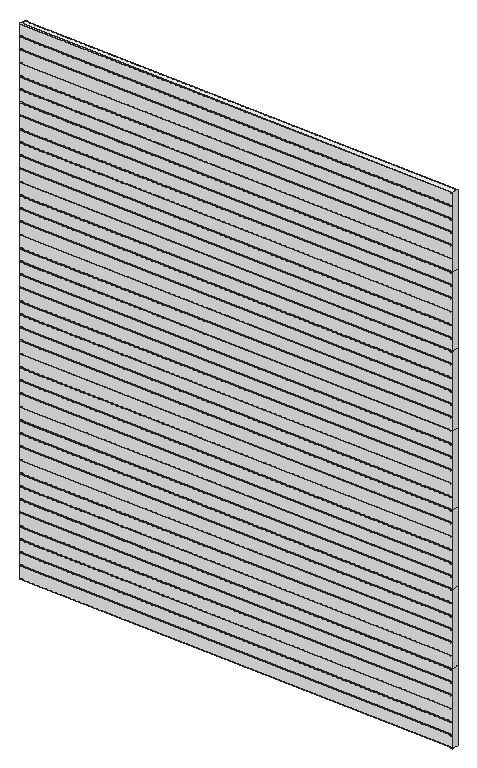
Revit family
Parameters (values of type "By Type")
  Windload = "Doors available rated for various design pressures; consult Clopay for avaialbility and specifications"
  VisSection6 = NumSections = 6  # no
  VisSection5 = NumSections > 4  # yes
  VisSection4 = NumSections > 3  # yes
  VisSection3 = NumSections > 2  # yes
  VisArray = NumSections > 6  # yes
  URL = "www.clopaydoor.com"
  Track = "Galvanized steel (gauge varies according to door size)"
  Thickness = 0' - 2"  # constant formula
  Spec Wizard = "http://www.arcat.com/specwizard/08360clo/index.htm"
  Section Height = Height / NumSections  # 2' - 0"
  Sales Information = "http://www.clopaydoor.com/where-to-buy.aspx?type=dealer"
  Rough Width = 0' - 0"  # constant formula
  Rough Height = 0' - 0"  # constant formula
  R-Value = "15.05"
  Product Features and Benefits = "http://www.clopaydoor.com/insulated-polyurethane-applications.aspx"
  Overlapping Jamb = yes
  Overlap = if(Overlapping Jamb, 0' 1", 0' 0")  # 0' - 1"
  Opening Width = 12' - 0"
  Opening Height = 14' - 0"
  Omniclass Table = "23-30 10 17 37 "
  NumSectionsNotRounded = Height / 2' 0"  # 7
  NumSections = NumSectionsNotRounded + 0.4999  # 7
  NumArraySections = if(NumSections > 6, NumSections - 5, 2)  # 2
  Model = "3717"
  Maximum Size = "Maximum 32' 2'' wide by 26' 0'' high. Additional limitations may apply do to door weight. Consult Clopay for specificiations and shop drawings."  # constant formula
  Manufacturer Website = "http://www.clopaydoor.com"
  Manufacturer Phone Number = "1-800-526-4301"
  Manufacturer Address = "1400 W. Market St., Troy, OH 45373"
  Manufacturer = "Clopay Building Products Company"
  LEED = "http://products.construction.com/swts_content_files/151607/303186.pdf"
  Keynote = "08 36 13"
  Interior Steel = "28 ga. galvanized, primed, and finish painted"
  Hardware = "14 ga. min. steel hinges; 10-ball steel rollers"
  GreenFormat = "http://www.greenformat.com/products/1536-Polyurethane%20Insulated%20Doors.rtf"
  Function = (empty or 0)
  Height = Opening Height + Rough Width * 0  # 14' - 0"
  Wall Closure = (empty or 0)
  Width = Opening Width + Rough Width * 0  # 12' - 0"
  FloorToSection7 = 6 * Section Height  # 12' - 0"
  FloorToSection6 = 5 * Section Height  # 10' - 0"
  FloorToSection5 = 4 * Section Height  # 8' - 0"
  FloorToSection4 = 3 * Section Height  # 6' - 0"
  FloorToSection3 = 2 * Section Height  # 4' - 0"
  FloorToSection2 = Section Height  # 2' - 0"
  File Revision = "02 (August, 2012)"
  Exterior Steel = "27 ga. galvanized, primed, and finish painted"
  Double End Stiles = Door Width > 14' 2"  # no
  Door Width = Opening Width + Overlap * 2  # 12' - 2"
  Door Height = Opening Height + Rough Width * 0  # 14' - 0"
  Description = "1-3/4'' thick polyurethane insulated, stucco embossed 27 gauge steel exterior with light ribbed pattern."
  Core Material = "Expanded polyurethane"
  Copyright = "2010, Clopay Building Products Company, Inc."
  Color = White
  CAD and Specifications = "http://www.clopaydoor.com/insulated-polyurethane-specs.aspx"
  Assembly Code = "B2030410"
Reference planes (in)
  plane 1 "Center (Front/Back)": y = 0
  plane 2 "Center (Left/Right)": x = 0
  plane 3 "Left": x = -72
  plane 4 "Right": x = 72
  plane 5 "Top": z = 168
  plane 6 "Exterior": y = 3
  plane 7 "Interior": y = -3
  plane 8: z = 120
  plane 9: z = 144
Lines and regions (in)
  Opening 1
    outline origin (-90, -3, 0) x (1, 0, 0) y (0, 0, 1)
      loop
        line (18, 0) -> (162, 0) -> (162, 168) -> (18, 168) -> (18, 0)
Text (in)
  text "Exterior" at (-74.96733, 27.31104, 0), in view "Ref. Level"
  text "Interior" at (-74.96733, -25.14366, 0), in view "Ref. Level"
  text "Exterior" at (0, 40.15149, 123.01588), in view "Right"
  text "Interior" at (0, -64.39139, 123.01588), in view "Right"
  text "Interior" at (0, -31.01599, 123.00693), in view "Left"
  text "Exterior" at (0, 54.57065, 123.00693), in view "Left"
Dimensions and locks (in)
  equal spacing: plane 3 "Left", plane 2 "Center (Left/Right)", plane 4 "Right"
  "Height": level to plane 5 "Top"
  "Width": plane 3 "Left" to plane 4 "Right"
  host wall to plane 5 "Top" = 14' - 0"
  nested 1 to plane 7 "Interior" = 0' - 0 1/2"
  "FloorToSection6": plane 8 to level
  "FloorToSection7": plane 9 to level
  group 1 to group 2 = 0' - 0"  (x2)
  group 1 to group 2 = 2' - 0"
  host wall to host wall = 67' - 6"
  aligned and locked: plane 3 "Left" to Opening 1 sketch curve
  aligned and locked: plane 5 "Top" to Opening 1 sketch curve  (x2)
  aligned and locked: Opening 1 sketch curve to plane 4 "Right"
  aligned and locked: Opening 1 sketch curve to level
  aligned and locked: plane 6 "Exterior" to host wall
  aligned and locked: host wall to plane 7 "Interior"
  aligned and locked: plane 2 "Center (Left/Right)" to nested 2
  aligned and locked: plane 2 "Center (Left/Right)" to nested 3
  aligned and locked: plane 2 "Center (Left/Right)" to nested 4
  aligned and locked: plane 2 "Center (Left/Right)" to nested 5
  aligned and locked: plane 2 "Center (Left/Right)" to nested 7
  aligned and locked: nested 7 to plane 8
  aligned and locked: nested 8 to plane 9
  aligned and locked: plane 7 "Interior" to nested 2
  aligned and locked: plane 7 "Interior" to nested 7
  aligned and locked: host wall to nested 8
  aligned and locked: plane 7 "Interior" to nested 3
  aligned and locked: host wall to nested 3
  aligned and locked: plane 7 "Interior" to nested 1
  aligned and locked: nested 2 to host wall
  aligned and locked: plane 7 "Interior" to nested 6
  aligned and locked: plane 7 "Interior" to nested 5
  aligned and locked: host wall to nested 7
  aligned and locked: plane 7 "Interior" to nested 4
Nested families (in)
  nested 1: "Section" at (0, 0, 0), type "Solid"
  nested 2: "Section" at (0, 0, 24), built-in parameter 1001364 <- "Section Height", type "Solid"
  nested 3: "Section" at (0, 0, 48), built-in parameter 1001364 <- "FloorToSection3", visible <- "VisSection3", type "Solid"
  nested 4: "Section" at (0, 0, 120), built-in parameter 1001364 <- "FloorToSection6", visible <- "VisSection6", type "Solid"
  nested 5: "Section" at (0, 0, 96), built-in parameter 1001364 <- "FloorToSection5", visible <- "VisSection5", type "Solid"
  nested 6: "Section" at (0, 0, 72), built-in parameter 1001364 <- "FloorToSection4", visible <- "VisSection4", type "Solid"
  nested 7: "Section" at (0, 0, 120), visible <- "VisArray", type "Solid"
  nested 8: "Section" at (0, 0, 144), visible <- "VisArray", type "Solid"
Definition of nested family "Section"
  Parameters (values of type "Solid")
    X9 = if(if(NumArrayedWindows < NumWindows, NumArrayedWindows + 1, NumWindows) < 9, X1, X8 + 3' 8")  # 1' - 5 1/2"
    X8 = if(if(NumArrayedWindows < NumWindows, NumArrayedWindows + 1, NumWindows) < 8, X1, X7 + 3' 8")  # 1' - 5 1/2"
    X7 = if(if(NumArrayedWindows < NumWindows, NumArrayedWindows + 1, NumWindows) < 7, X1, X6 + 3' 8")  # 1' - 5 1/2"
    X6 = if(if(NumArrayedWindows < NumWindows, NumArrayedWindows + 1, NumWindows) < 6, X1, X5 + 3' 8")  # 1' - 5 1/2"
    X5 = if(if(NumArrayedWindows < NumWindows, NumArrayedWindows + 1, NumWindows) < 5, X1, X4 + 3' 8")  # 1' - 5 1/2"
    X4 = if(if(NumArrayedWindows < NumWindows, NumArrayedWindows + 1, NumWindows) < 4, X1, X3 + 3' 8")  # 1' - 5 1/2"
    X3 = if(NumWindows < 3, X1, X2 + 3' 8")  # 8' - 9 1/2"
    X2 = if(NumWindows < 2, ((Door Width - (NumWindows - 1) * 3' 8") / 2 - Cutout Width / 2), ((Door Width - (NumWindows - 1) * 3' 8") / 2 - Cutout Width / 2) + 3' 8")  # 5' - 1 1/2"
    WindowVis = no
    WindowCutDepth = -0' - 0 13/128"
    Section Height = 2' - 0"
    RibSpacing = Section Height / (NumRibs + 1)  # 0' - 4"
    NumWindows = if(Door Width < 9' 4", 2, if(Door Width < 13' 4", 3, if(Door Width < 16' 4", 4, if(Door Width < 20' 4", 5, if(Door Width < 24' 4", 6, if(Door Width < 26' 4", 7, if(Door Width < 31' 8", 8, 10)))))))  # 3
    NumRibs = if(Section Height < 1' 9", 3, if(Section Height < 2' 0", 4, 5))  # 5
    NumArrayedWindows = if(X2 = X1, NumWindows - 2, NumWindows)  # 3
    Half Section Height = Section Height / 2  # 1' - 0"
    Half Door Width Neg = -Half Door Width  # -6' - 1"
    Half Door Width = Door Width / 2  # 6' - 1"
    Half Cutout Height = Cutout Height / 2  # 0' - 3 1/2"
    Function = (empty or 0)
    Height = 0' - 0"
    Wall Closure = (empty or 0)
    Width = 0' - 0"
    X1 = if(or(Door Width > 31' 6", and(Door Width > 26' 2", Door Width < 28' 1"), Door Width = 24' 3", Door Width = 24' 4", and(Door Width > 20' 2", Door Width < 20' 11"), and(Door Width > 16' 2", Door Width < 17' 3")), X2, (Door Width - (NumWindows - 1) * 3' 8") / 2 - Cutout Width / 2)  # 1' - 5 1/2"
    Door Width = 12' - 2"
    CutoutToCutout = 1' - 0"
    Cutout Width = 1' - 11"
    Cutout Height = 0' - 7"
    Color = White
    BtmTo1stRib = RibSpacing  # 0' - 4"
    Assembly Code = ""
  Reference planes (in)
    plane 1 "Center (Front/Back)": y = 0
    plane 2 "Center (Left/Right)": x = 0
    plane 3 "Exterior": y = 3
    plane 4 "Interior": y = -3
    plane 5: y = -3.5
    plane 6: x = 73
    plane 7: x = -73
    plane 8: z = 4
    plane 9: z = 8
    plane 10: z = 24
    plane 11: z = 12
    plane 12: z = 0
  Forms (in)
    Extrusion 1, solid, material "White" <- "Color"
      sketch origin (-73, -12, 83.08252) x (0, 0, 1) y (0, -1, 0)
        loop
          line (-59.08252, -8.37573) -> (-59.08252, -6.62444)
          arc (-59.08252, -6.62444) -> (-59.11897, -6.53645) -> (-59.20696, -6.5) r 0.12444
          line (-59.20696, -6.5) -> (-82.95809, -6.5)
          arc (-82.95809, -6.5) -> (-83.04608, -6.53645) -> (-83.08252, -6.62444) r 0.12444
          line (-83.08252, -6.62444) -> (-83.08252, -8.37573)
          arc (-83.08252, -8.37573) -> (-83.04612, -8.4636) -> (-82.95825, -8.5) r 0.12427
          line (-82.95825, -8.5) -> (-59.20679, -8.5)
          arc (-59.20679, -8.5) -> (-59.11892, -8.4636) -> (-59.08252, -8.37573) r 0.12427
      from 0 to 146 <- "Door Width"
    Extrusion 2, void
      sketch origin (0, 0, -0.5) x (0, -1, 0) y (0, 0, 1)
        loop
          line (3.5, 4.62727) -> (3.5, 4.37273) -> (3.53032, 4.41942)
          arc (3.53032, 4.41942) -> (3.53753, 4.43506) -> (3.54, 4.4521) r 0.06
          line (3.54, 4.4521) -> (3.54, 4.5479)
          arc (3.54, 4.5479) -> (3.53753, 4.56494) -> (3.53032, 4.58058) r 0.06
          line (3.53032, 4.58058) -> (3.5, 4.62727)
      from -73 <- "Half Door Width Neg" to 146 <- "Door Width"
    Extrusion 3, void
      sketch origin (0, 0, 3.5) x (0, -1, 0) y (0, 0, 1)
        loop
          line (3.5, 4.62727) -> (3.5, 4.37273) -> (3.53032, 4.41942)
          arc (3.53032, 4.41942) -> (3.53753, 4.43506) -> (3.54, 4.4521) r 0.06
          line (3.54, 4.4521) -> (3.54, 4.5479)
          arc (3.54, 4.5479) -> (3.53753, 4.56494) -> (3.53032, 4.58058) r 0.06
          line (3.53032, 4.58058) -> (3.5, 4.62727)
      from -73 <- "Half Door Width Neg" to 146 <- "Door Width"
    Extrusion 4, void
      sketch origin (0, 0, 7.5) x (0, -1, 0) y (0, 0, 1)
        loop
          line (3.5, 4.62727) -> (3.5, 4.37273) -> (3.53032, 4.41942)
          arc (3.53032, 4.41942) -> (3.53753, 4.43506) -> (3.54, 4.4521) r 0.06
          line (3.54, 4.4521) -> (3.54, 4.5479)
          arc (3.54, 4.5479) -> (3.53753, 4.56494) -> (3.53032, 4.58058) r 0.06
          line (3.53032, 4.58058) -> (3.5, 4.62727)
      from -73 <- "Half Door Width Neg" to 146 <- "Door Width"
    Extrusion 5, void
      sketch origin (0, -8.99984, -0.5) x (0, 1, 0) y (0, 0, -1)
        loop
          line (3.5, -4.62727) -> (3.53032, -4.58058)
          arc (3.53032, -4.58058) -> (3.53753, -4.56494) -> (3.54, -4.5479) r 0.06
          line (3.54, -4.5479) -> (3.54, -4.4521)
          arc (3.54, -4.4521) -> (3.53753, -4.43506) -> (3.53032, -4.41942) r 0.06
          line (3.53032, -4.41942) -> (3.5, -4.37273) -> (3.5, -4.62727)
      from -73 <- "Half Door Width Neg" to 146 <- "Door Width"
    Extrusion 6, void
      sketch origin (0, -8.99984, 3.5) x (0, 1, 0) y (0, 0, -1)
        loop
          line (3.5, -4.62727) -> (3.53032, -4.58058)
          arc (3.53032, -4.58058) -> (3.53753, -4.56494) -> (3.54, -4.5479) r 0.06
          line (3.54, -4.5479) -> (3.54, -4.4521)
          arc (3.54, -4.4521) -> (3.53753, -4.43506) -> (3.53032, -4.41942) r 0.06
          line (3.53032, -4.41942) -> (3.5, -4.37273) -> (3.5, -4.62727)
      from -73 <- "Half Door Width Neg" to 146 <- "Door Width"
    Extrusion 7, void
      sketch origin (0, -8.99984, 7.5) x (0, 1, 0) y (0, 0, -1)
        loop
          line (3.5, -4.62727) -> (3.53032, -4.58058)
          arc (3.53032, -4.58058) -> (3.53753, -4.56494) -> (3.54, -4.5479) r 0.06
          line (3.54, -4.5479) -> (3.54, -4.4521)
          arc (3.54, -4.4521) -> (3.53753, -4.43506) -> (3.53032, -4.41942) r 0.06
          line (3.53032, -4.41942) -> (3.5, -4.37273) -> (3.5, -4.62727)
      from -73 <- "Half Door Width Neg" to 146 <- "Door Width"
    Extrusion 8, void
      sketch origin (0, 0, 11.5) x (0, -1, 0) y (0, 0, 1)
        loop
          line (3.5, 4.62727) -> (3.5, 4.37273) -> (3.53032, 4.41942)
          arc (3.53032, 4.41942) -> (3.53753, 4.43506) -> (3.54, 4.4521) r 0.06
          line (3.54, 4.4521) -> (3.54, 4.5479)
          arc (3.54, 4.5479) -> (3.53753, 4.56494) -> (3.53032, 4.58058) r 0.06
          line (3.53032, 4.58058) -> (3.5, 4.62727)
      from -73 <- "Half Door Width Neg" to 146 <- "Door Width"
    Extrusion 9, void
      sketch origin (0, -8.99984, 11.5) x (0, 1, 0) y (0, 0, -1)
        loop
          line (3.5, -4.62727) -> (3.53032, -4.58058)
          arc (3.53032, -4.58058) -> (3.53753, -4.56494) -> (3.54, -4.5479) r 0.06
          line (3.54, -4.5479) -> (3.54, -4.4521)
          arc (3.54, -4.4521) -> (3.53753, -4.43506) -> (3.53032, -4.41942) r 0.06
          line (3.53032, -4.41942) -> (3.5, -4.37273) -> (3.5, -4.62727)
      from -73 <- "Half Door Width Neg" to 146 <- "Door Width"
    Extrusion 10, void
      sketch origin (0, 0, 15.5) x (0, -1, 0) y (0, 0, 1)
        loop
          line (3.5, 4.62727) -> (3.5, 4.37273) -> (3.53032, 4.41942)
          arc (3.53032, 4.41942) -> (3.53753, 4.43506) -> (3.54, 4.4521) r 0.06
          line (3.54, 4.4521) -> (3.54, 4.5479)
          arc (3.54, 4.5479) -> (3.53753, 4.56494) -> (3.53032, 4.58058) r 0.06
          line (3.53032, 4.58058) -> (3.5, 4.62727)
      from -73 <- "Half Door Width Neg" to 146 <- "Door Width"
    Extrusion 11, void
      sketch origin (0, -8.99984, 15.5) x (0, 1, 0) y (0, 0, -1)
        loop
          line (3.5, -4.62727) -> (3.53032, -4.58058)
          arc (3.53032, -4.58058) -> (3.53753, -4.56494) -> (3.54, -4.5479) r 0.06
          line (3.54, -4.5479) -> (3.54, -4.4521)
          arc (3.54, -4.4521) -> (3.53753, -4.43506) -> (3.53032, -4.41942) r 0.06
          line (3.53032, -4.41942) -> (3.5, -4.37273) -> (3.5, -4.62727)
      from -73 <- "Half Door Width Neg" to 146 <- "Door Width"
  Cuts and joins
    Extrusion 2, Extrusion 3, Extrusion 4, Extrusion 5, Extrusion 6, Extrusion 7, Extrusion 8, Extrusion 9, Extrusion 10, Extrusion 11 cuts Extrusion 1
  Lines and regions (in)
    reference lines
      curve 1: line (-72, -3.54, 4) -> (-72, -3.5, 4)
      curve 2: line (-72, -5.45984, 4) -> (-72, -5.49984, 4)
      curve 3: line (-72, -3.54, 8) -> (-72, -3.5, 8)
      curve 4: line (-72, -3.54, 12) -> (-72, -3.5, 12)
      curve 5: line (-72, -5.45984, 4) -> (-72, -5.49984, 4)
      curve 6: line (-72, -5.45984, 8) -> (-72, -5.49984, 8)
      curve 7: line (-72, -5.45984, 12) -> (-72, -5.49984, 12)
      curve 8: line (-72, -3.54, 16) -> (-72, -3.5, 16)
      curve 9: line (-72, -5.45984, 16) -> (-72, -5.49984, 16)
      curve 10: line (-72, -3.54, 20) -> (-72, -3.5, 20)
      curve 11: line (-72, -5.45984, 20) -> (-72, -5.49984, 20)
  Text (in)
    text "Exterior" at (-74.96733, 27.31104, 0), in view "Ref. Level"
    text "Interior" at (-74.96733, -25.14366, 0), in view "Ref. Level"
    text "Exterior" at (0, 40.15149, 123.01588), in view "Right"
    text "Interior" at (0, -64.39139, 123.01588), in view "Right"
    text "Interior" at (0, -31.01599, 123.00693), in view "Left"
    text "Exterior" at (0, 54.57065, 123.00693), in view "Left"
  Dimensions and locks (in)
    plane 4 "Interior" to plane 5 = 0' - 0 1/2"
    "Half Door Width": plane 2 "Center (Left/Right)" to plane 7
    "Half Door Width": plane 6 to plane 2 "Center (Left/Right)"
    Extrusion 1 sketch curve to Extrusion 1 sketch curve = 0' - 2"
    Extrusion 2 sketch curve to Extrusion 2 sketch curve = 0' - 0.25454"
    Extrusion 2 sketch curve to Extrusion 2 sketch curve = 0' - 0.04"  (x2)
    "BtmTo1stRib": plane 8 to level
    curve 1 to Extrusion 2 sketch curve = 0' - 0.12727"
    "RibSpacing": plane 9 to plane 8
    "Section Height": plane 10 to level
    Extrusion 3 sketch curve to Extrusion 3 sketch curve = 0' - 0.25454"
    Extrusion 3 sketch curve to Extrusion 3 sketch curve = 0' - 0.04"  (x2)
    curve 3 to Extrusion 3 sketch curve = 0' - 0.12727"
    equal spacing: group 1, group 2, group 3, group 4, group 5  (x3)
    Extrusion 4 sketch curve to Extrusion 4 sketch curve = 0' - 0.25454"
    Extrusion 4 sketch curve to Extrusion 4 sketch curve = 0' - 0.04"  (x2)
    curve 4 to Extrusion 4 sketch curve = 0' - 0.12727"
    Extrusion 5 sketch curve to Extrusion 5 sketch curve = 0' - 0.25454"
    Extrusion 5 sketch curve to Extrusion 5 sketch curve = 0' - 0.04"  (x2)
    Extrusion 5 sketch curve to curve 5 = 0' - 0.12727"
    Extrusion 6 sketch curve to Extrusion 6 sketch curve = 0' - 0.25454"
    Extrusion 6 sketch curve to Extrusion 6 sketch curve = 0' - 0.04"  (x2)
    Extrusion 6 sketch curve to curve 6 = 0' - 0.12727"
    Extrusion 7 sketch curve to Extrusion 7 sketch curve = 0' - 0.25454"
    Extrusion 7 sketch curve to Extrusion 7 sketch curve = 0' - 0.04"  (x2)
    Extrusion 7 sketch curve to curve 7 = 0' - 0.12727"
    "Half Section Height": level to plane 11
    Extrusion 8 sketch curve to Extrusion 8 sketch curve = 0' - 0.25454"
    Extrusion 8 sketch curve to Extrusion 8 sketch curve = 0' - 0.04"  (x2)
    curve 8 to Extrusion 8 sketch curve = 0' - 0.12727"
    Extrusion 9 sketch curve to Extrusion 9 sketch curve = 0' - 0.25454"
    Extrusion 9 sketch curve to Extrusion 9 sketch curve = 0' - 0.04"  (x2)
    Extrusion 9 sketch curve to curve 9 = 0' - 0.12727"
    Extrusion 10 sketch curve to Extrusion 10 sketch curve = 0' - 0.25454"
    Extrusion 10 sketch curve to Extrusion 10 sketch curve = 0' - 0.04"  (x2)
    curve 10 to Extrusion 10 sketch curve = 0' - 0.12727"
    Extrusion 11 sketch curve to Extrusion 11 sketch curve = 0' - 0.25454"
    Extrusion 11 sketch curve to Extrusion 11 sketch curve = 0' - 0.04"  (x2)
    Extrusion 11 sketch curve to curve 11 = 0' - 0.12727"
    locked: plane 4 "Interior" to cut or joined group 1 (Extrusion 1, Extrusion 2, Extrusion 3, Extrusion 4, Extrusion 5, Extrusion 6, Extrusion 7, Extrusion 8, Extrusion 9, Extrusion 10, Extrusion 11) at 0.5
    radius of Extrusion 1 sketch curve = 0' - 0.12427"  (x2)
    radius of Extrusion 1 sketch curve = 0' - 0.12444"  (x2)
    angle Extrusion 2 sketch curve to Extrusion 2 sketch curve = 147.00°  (x2)
    angle Extrusion 3 sketch curve to Extrusion 3 sketch curve = 147.00°  (x2)
    angle Extrusion 4 sketch curve to Extrusion 4 sketch curve = 147.00°  (x2)
    angle Extrusion 5 sketch curve to Extrusion 5 sketch curve = 147.00°  (x2)
    angle Extrusion 6 sketch curve to Extrusion 6 sketch curve = 147.00°  (x2)
    angle Extrusion 7 sketch curve to Extrusion 7 sketch curve = 147.00°  (x2)
    angle Extrusion 8 sketch curve to Extrusion 8 sketch curve = 147.00°  (x2)
    angle Extrusion 9 sketch curve to Extrusion 9 sketch curve = 147.00°  (x2)
    angle Extrusion 10 sketch curve to Extrusion 10 sketch curve = 147.00°  (x2)
    angle Extrusion 11 sketch curve to Extrusion 11 sketch curve = 147.00°  (x2)
    aligned and locked: Extrusion 1 sketch curve to plane 5
    aligned and locked: plane 8 to curve 1
    aligned and locked: plane 9 to curve 3
    aligned: cut or joined group 1 to cut or joined group 1  (x9)
    aligned and locked: plane 12 to level
  Automatic sketch dimensions
    curve 2 to curve 1 = 0' - 1.91984"
    curve 1 to curve 1 = 0' - 0.04"  (x2)
    curve 1 to curve 2 = 0' - 1.91984"
    curve 2 to curve 2 = 0' - 0.04"  (x2)
    Extrusion 2 sketch curve to Extrusion 2 sketch curve = 0' - 0"
    Extrusion 2 sketch curve to Extrusion 2 sketch curve = 0' - 0.02"
    Extrusion 2 sketch curve to Extrusion 2 sketch curve = 0' - 0.00968"  (x2)
    curve 5 to curve 1 = 0' - 0"
    curve 1 to curve 5 = 0' - 1.91984"
    curve 5 to curve 5 = 0' - 0.04"
    Extrusion 5 sketch curve to Extrusion 5 sketch curve = 0' - 0"
    Extrusion 5 sketch curve to Extrusion 5 sketch curve = 0' - 0.02"
    Extrusion 5 sketch curve to Extrusion 5 sketch curve = 0' - 0.00968"  (x2)
    Extrusion 3 sketch curve to Extrusion 3 sketch curve = 0' - 0"
    Extrusion 3 sketch curve to Extrusion 3 sketch curve = 0' - 0.02"
    Extrusion 3 sketch curve to Extrusion 3 sketch curve = 0' - 0.00968"  (x2)
    curve 6 to curve 3 = 0' - 0"
    curve 3 to curve 3 = 0' - 0.04"
    curve 3 to curve 6 = 0' - 1.91984"
    curve 6 to curve 6 = 0' - 0.04"
    Extrusion 4 sketch curve to Extrusion 4 sketch curve = 0' - 0"
    Extrusion 4 sketch curve to Extrusion 4 sketch curve = 0' - 0.02"
    Extrusion 4 sketch curve to Extrusion 4 sketch curve = 0' - 0.00968"  (x2)
    curve 7 to curve 4 = 0' - 0"
    curve 4 to curve 4 = 0' - 0.04"
    curve 4 to curve 7 = 0' - 1.91984"
    curve 7 to curve 7 = 0' - 0.04"
    Extrusion 7 sketch curve to Extrusion 7 sketch curve = 0' - 0.00968"
    Extrusion 6 sketch curve to Extrusion 6 sketch curve = 0' - 0.00968"
    curve 2 to plane 8 = 0' - 0"
    curve 2 to plane 5 = 0' - 1.95984"
    Extrusion 1 sketch curve to plane 10 = 0' - 0"
    Extrusion 1 sketch curve to level = 0' - 0"
    Extrusion 8 sketch curve to Extrusion 8 sketch curve = 0' - 0"
    Extrusion 8 sketch curve to Extrusion 8 sketch curve = 0' - 0.02"
    Extrusion 8 sketch curve to Extrusion 8 sketch curve = 0' - 0.00968"  (x2)
    curve 9 to curve 8 = 0' - 0"
    curve 8 to curve 8 = 0' - 0.04"
    curve 8 to curve 9 = 0' - 1.91984"
    curve 9 to curve 9 = 0' - 0.04"
    Extrusion 9 sketch curve to Extrusion 9 sketch curve = 0' - 0"
    Extrusion 9 sketch curve to Extrusion 9 sketch curve = 0' - 0.02"
    Extrusion 9 sketch curve to Extrusion 9 sketch curve = 0' - 0.00968"  (x2)
    Extrusion 10 sketch curve to Extrusion 10 sketch curve = 0' - 0"
    Extrusion 10 sketch curve to Extrusion 10 sketch curve = 0' - 0.02"
    Extrusion 10 sketch curve to Extrusion 10 sketch curve = 0' - 0.00968"  (x2)
    curve 11 to curve 10 = 0' - 0"
    curve 10 to curve 10 = 0' - 0.04"
    curve 10 to curve 11 = 0' - 1.91984"
    curve 11 to curve 11 = 0' - 0.04"
    Extrusion 11 sketch curve to Extrusion 11 sketch curve = 0' - 0"
    Extrusion 11 sketch curve to Extrusion 11 sketch curve = 0' - 0.02"
    Extrusion 11 sketch curve to Extrusion 11 sketch curve = 0' - 0.00968"  (x2)
